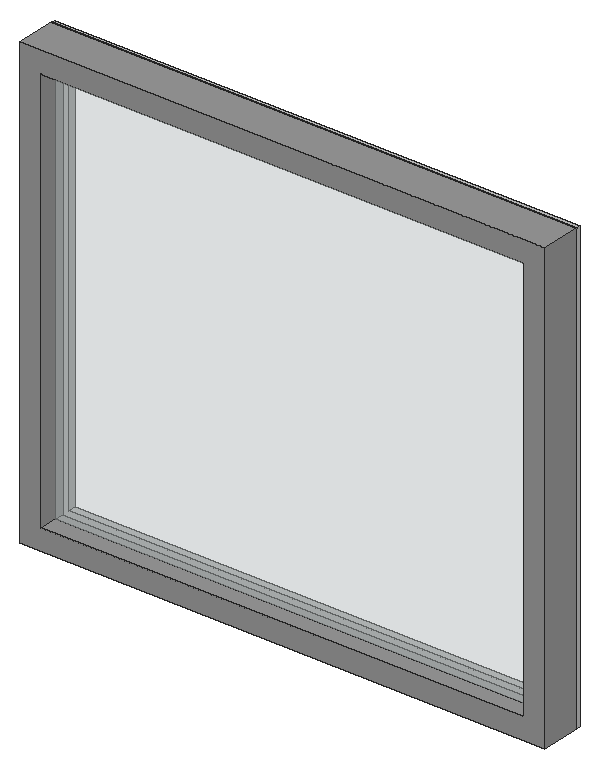
Revit family "Lian - Fixed Window - Wood-Aluminium", category Windows, host Wall, Revit 2017
Family settings
  Host = Wall
  Always vertical = Yes
  Cut with Voids When Loaded = No
  Shared = No
  Room Calculation Point = No
Parameters
  hosted on bimbear.com® = "www.bimbear.com"
  Width = [02.5 - Window Width]  # 1380 mm
  URL = "http://www.lian.no/"
  Type Image = <None>
  Type Comments = "Wood - Aluminium"
  Rough Width = [02 - Opening Width]  # 1400 mm
  Rough Height = [01 - Opening Height]  # 1200 mm
  OFS = [07 - Offset] + 1500 mm  # 1500 mm
  Model = "Fixed Window"
  Manufacturer = "Lian"
  Height = [01.5 - Window Height]  # 1180 mm
  GAP = [08 - Sealant Gap] * 2  # 20 mm
  Construction Type = ""
  Assembly Code = ""
  Analytic Construction = "<None>"
  11 - Sound Transmission Class = ""
  10 - Fire Rating = ""
  08 - Sealant Gap = 10 mm
  07 - Offset = 0 mm
  05.5 - Material Glass = Glass
  05.2 - Material Interior Frame = NCS S 0500-N
  05.1 - Material Exterior Frame = RAL 9018
  02.5 - Window Width = [02 - Opening Width] - GAP  # 1380 mm
  02 - Opening Width = 1400 mm
  01.5 - Window Height = [01 - Opening Height] - GAP  # 1180 mm
  01 - Opening Height = 1200 mm
Reference planes
  plane 1 "Wall": y = 0
  plane 2 "Center (Left/Right)": x = 125
  plane 3 "Back": y = 75
  plane 4: x = -575
  plane 5: z = 1200
  plane 6: x = 825
  plane 7: x = -565
  plane 8: z = 10
  plane 9: x = 815
  plane 10: z = 1190
  plane 11 "VINDU": y = 0
  plane 12: y = -1500
  plane 13: z = 600
  plane 14: x = 774
  plane 15: x = -524
  plane 16: z = 51
  plane 17: z = 1149
Forms (mm)
  Extrusion 1, solid, material "Glass" <- "05.5 - Material Glass"
    sketch origin (125, 0, 0) x (0, 1, 0) y (0, 0, 1)
      loop
        line (0, 1149) -> (-44, 1149) -> (-44, 51) -> (0, 51) -> (0, 1149)
    from -649 to 649
  Sweep 2, solid, material "NCS S 0500-N" <- "05.2 - Material Interior Frame"
    path origin (0, 0, 0) x (0, 0, -1) y (-1, 0, 0)
      loop
        line (-1190, 565) -> (-1190, -815) -> (-10, -815) -> (-10, 565) -> (-1190, 565)
    profile origin (125, 0, 1190) x (0, 0, -1) y (0, 1, 0)
      loop
        line (0, -89.225) -> (55, -89.225) -> (55, -44) -> (41, -44) -> (41, 15.775) -> (0, 15.775) -> (0, -89.225)
  Sweep 3, solid, material "RAL 9018" <- "05.1 - Material Exterior Frame"
    path origin (0, 0, 0) x (0, 0, -1) y (-1, 0, 0)
      loop
        line (-1190, 565) -> (-1190, -815) -> (-10, -815) -> (-10, 565) -> (-1190, 565)
    profile origin (125, 0, 1190) x (0, 0, -1) y (0, 1, 0)
      loop
        line (41, 0) -> (56.226, 0) -> (53, 26.275) -> (0, 26.275) -> (0, 15.775) -> (41, 15.775) -> (41, 0)
Lines and regions (mm)
  Opening 1
    outline origin (-5000, -75, 0) x (1, 0, 0) y (0, 0, 1)
      loop
        line (5825, 1200) -> (4425, 1200) -> (4425, 0) -> (5825, 0) -> (5825, 1200)
Text (mm)
  text "Placement Side" at (-1848.837, 1116.779, 0), in view "Ref. Level"
  text "Placement side" at (0, 1409.804, 2854.306), in view "Left"
  text "Placement side" at (0, 499.811, 2980.732), in view "Right"
Dimensions and locks
  locked: plane 3 "Back" to host wall
  equal spacing: plane 6, plane 2 "Center (Left/Right)", plane 4
  "Rough Width": plane 6 to plane 4
  "Rough Height": level to plane 5
  "08 - Sealant Gap": plane 4 to plane 7
  "08 - Sealant Gap": plane 10 to plane 5
  "08 - Sealant Gap": plane 6 to plane 9
  "08 - Sealant Gap": level to plane 8
  plane 1 "Wall" to plane 12 = 1500 mm
  "OFS": plane 11 "VINDU" to plane 12
  equal spacing: plane 5, plane 13, level
  locked: plane 14 to plane 9 at 41
  locked: plane 7 to plane 15 at 41
  locked: plane 10 to plane 17 at 41
  locked: plane 17 to Sweep 2 sketch curve at 14
  locked: plane 16 to plane 8 at 41
  aligned and locked: plane 1 "Wall" to host wall
  aligned and locked: plane 5 to Opening 1 sketch curve
  aligned and locked: Opening 1 sketch curve to plane 6
  aligned and locked: level to Opening 1 sketch curve
  aligned and locked: Opening 1 sketch curve to plane 4
  aligned and locked: nested 1 to plane 8
  aligned and locked: nested 1 to plane 11 "VINDU"
  aligned and locked: plane 11 "VINDU" to nested 2
  aligned and locked: plane 10 to nested 2
  aligned and locked: nested 3 to plane 11 "VINDU"
  aligned and locked: nested 4 to plane 11 "VINDU"
  aligned and locked: nested 3 to Extrusion 1 sketch curve
  aligned and locked: nested 5 to plane 7
  aligned and locked: plane 11 "VINDU" to nested 5
  aligned and locked: plane 9 to nested 6
  aligned and locked: nested 6 to plane 11 "VINDU"
  aligned and locked: plane 14 to nested 4
  aligned and locked: nested 4 to plane 15
  aligned and locked: nested 3 to plane 17
  aligned and locked: Extrusion 1 to nested 3
  aligned and locked: plane 11 "VINDU" to Extrusion 1
  aligned and locked: Sweep 2 sketch curve to plane 10
  aligned and locked: Sweep 2 sketch curve to plane 17
  aligned and locked: plane 16 to nested 3
  aligned and locked: Extrusion 1 to nested 4
  aligned and locked: plane 14 to Extrusion 1
Automatic sketch dimensions
  Sweep 2 sketch curve to plane 9 = 0 mm
  Sweep 2 sketch curve to plane 10 = 0 mm
  plane 7 to Sweep 2 sketch curve = 0 mm
  Sweep 2 sketch curve to plane 8 = 0 mm
  Extrusion 1 sketch curve to plane 16 = 0 mm
  Extrusion 1 sketch curve to plane 11 "VINDU" = 44 mm
  Extrusion 1 sketch curve to plane 17 = 0 mm
  plane 11 "VINDU" to Sweep 2 sketch curve = 15.775 mm
  Sweep 2 sketch curve to plane 11 "VINDU" = 44 mm
  Sweep 2 sketch curve to Sweep 2 sketch curve = 45.225 mm
  Sweep 3 sketch curve to plane 9 = 0 mm
  Sweep 3 sketch curve to plane 10 = 0 mm
  plane 7 to Sweep 3 sketch curve = 0 mm
  Sweep 3 sketch curve to plane 8 = 0 mm
  Sweep 3 sketch curve to profile plane = 41 mm
  Sweep 3 sketch curve to Sweep 3 sketch curve = 15.775 mm
  Sweep 3 sketch curve to Sweep 3 sketch curve = 12 mm
  Sweep 3 sketch curve to Sweep 3 sketch curve = 10.5 mm
  Sweep 3 sketch curve to Sweep 3 sketch curve = 15.226 mm
  Sweep 3 sketch curve to plane 11 "VINDU" = 0 mm
  Sweep 3 sketch curve to profile plane = 0 mm
Nested families
  nested 1: "FV-A-V0104-06" at (1225, 0, 10) x (0, 1, 0) z (-1, 0, 0), type "FV-T-V0104-06"
  nested 2: "FV-A-V0104-03-09" at (825, 0, 1190) x (0, 1, 0) z (1, 0, 0), type "FV-A-V0104-03-09"
  nested 3: "3Glass2D" at (125, 0, 1149) x (0, -1, 0) z (1, 0, 0), type "3Glass2D"
    with h 1098 mm
  nested 4: "3Glass2D" at (-524, 0, 0) x (0, -1, 0) z (0, 0, 1), type "3Glass2D"
    with h 1298 mm
  nested 5: "FV-A-V0104-03-09" at (-565, 0, 0) x (0, 1, 0) z (0, 0, 1), type "FV-A-V0104-03-09"
  nested 6: "FV-A-V0104-03-09" at (815, 0, 0) x (0, 1, 0) z (0, 0, 1), type "FV-A-V0104-03-09"
Definition of nested family "FV-A-V0104-06"
  Reference planes
    plane 1 "Center (Front/Back)": y = 0
    plane 2: z = 0
    plane 3 "Center (Left/Right)": x = 0
  Lines and regions (mm)
    Filled region 1, type "LianTre", in view "Ref. Level", detail levels fine
      outline origin (15.775, 0, 0) x (1, 0, 0) y (0, 1, 0)
        loop
          line (-1.756, 29.48) -> (-63.041, 37.005) -> (-63.041, 46.5) -> (-66.5, 46.5) -> (-66.5, 49.5) -> (-63.041, 49.5) -> (-63.041, 54)
          arc (-63.041, 54) -> (-63.334, 54.707) -> (-64.041, 55) r 1
          line (-64.041, 55) -> (-103, 55)
          arc (-103, 55) -> (-104.414, 54.414) -> (-105, 53) r 2
          line (-105, 53) -> (-105, 19) -> (-96, 19) -> (-96, 9) -> (-105, 9) -> (-105, 2)
          arc (-105, 2) -> (-104.414, 0.586) -> (-103, 0) r 2
          line (-103, 0) -> (-90, 0) -> (-90, 1) -> (-45, 1)
          arc (-45, 1) -> (-42.879, 1.879) -> (-42, 4) r 3
          line (-42, 4) -> (-42, 8) -> (-35, 8) -> (-35, 4)
          arc (-35, 4) -> (-34.121, 1.879) -> (-32, 1) r 3
          line (-32, 1) -> (-30, 1) -> (-30, 0) -> (-21, 0)
          arc (-21, 0) -> (-19.586, 0.586) -> (-19, 2) r 2
          line (-19, 2) -> (-19, 14) -> (-15, 14) -> (-15, 6.617) -> (-2.518, 3.273)
          arc (-2.518, 3.273) -> (-0.782, 3.618) -> (0, 5.205) r 2
          line (0, 5.205) -> (0, 27.495)
          arc (0, 27.495) -> (-0.502, 28.82) -> (-1.756, 29.48) r 2
    Masking region 1, in view "Ref. Level", detail levels medium
      outline origin (15.775, 0, 0) x (1, 0, 0) y (0, 1, 0)
        loop
          line (0, 37) -> (-105, 37) -> (-105, 0) -> (0, 0) -> (0, 37)
    Filled region 2, type "Solid Fill - Black", in view "Ref. Level", detail levels fine
      outline origin (-42.572, -23.897, 0) x (0, -1, 0) y (1, 0, 0)
        loop
          line (-71.113, -7.237) -> (-71.069, -6.175) -> (-70.717, -4.655) -> (-68.868, -4.605) -> (-67.509, -1.69) -> (-68.966, -2.855) -> (-71.921, -2.841) -> (-73.92, -1.68) -> (-73.689, -2.855) -> (-78.891, -2.832) -> (-80.365, -1.655) -> (-78.839, -4.655) -> (-72.978, -4.737) -> (-72.682, -6.246) -> (-72.682, -7.237) -> (-73.397, -6.903) -> (-72.893, -7.69) -> (-71.897, -8.155) -> (-70.836, -7.66) -> (-70.397, -6.903) -> (-71.113, -7.237)
    Filled region 3, type "Solid Fill - Black", in view "Ref. Level", detail levels fine
      outline origin (71.288, 82.368, 0) x (0, 1, 0) y (-1, 0, 0)
        loop
          line (-32.629, 65.48) -> (-33.344, 65.814) -> (-32.905, 65.057) -> (-31.844, 64.563) -> (-30.848, 65.027) -> (-30.344, 65.814) -> (-31.059, 65.48) -> (-31.059, 66.471) -> (-30.763, 67.98) -> (-24.902, 68.063) -> (-23.376, 71.063) -> (-24.85, 69.885) -> (-30.052, 69.863) -> (-29.821, 71.037) -> (-31.821, 69.876) -> (-34.775, 69.863) -> (-36.232, 71.027) -> (-34.873, 68.113) -> (-33.024, 68.063) -> (-32.672, 66.542) -> (-32.629, 65.48)
    Masking region 2, in view "Ref. Level", detail levels fine
      outline origin (59.5, 59.995, 0) x (1, 0, 0) y (0, 1, 0)
        loop
          line (-33.225, -57.992) -> (-33.225, -5.995) -> (-56.225, -3.171) -> (-56.225, -8.171) -> (-54.926, -8.171) -> (-54.926, -7.321)
          arc (-54.926, -7.321) -> (-52.775, -9.472) -> (-54.927, -11.621) r 2.15
          line (-54.927, -11.621) -> (-54.927, -10.771) -> (-56.225, -10.771) -> (-56.225, -12.421)
          arc (-56.225, -12.421) -> (-56.078, -12.774) -> (-55.725, -12.921) r 0.5
          line (-55.725, -12.921) -> (-54.925, -12.921)
          arc (-54.925, -12.921) -> (-51.487, -9.757) -> (-54.354, -6.068) r 3.45
          arc (-54.354, -6.068) -> (-54.91, -5.307) -> (-54.16, -4.734) r 0.674
          line (-54.16, -4.734) -> (-34.525, -7.145) -> (-34.525, -29.995) -> (-41.725, -29.995) -> (-41.725, -32.445) -> (-40.45, -32.445) -> (-39.644, -31.295) -> (-36.824, -31.295) -> (-36.824, -32.161) -> (-35.822, -32.161) -> (-35.822, -31.295) -> (-34.525, -31.295) -> (-34.525, -45.095) -> (-36.714, -45.095) -> (-36.714, -44.089) -> (-37.73, -44.089) -> (-37.73, -45.095) -> (-39.644, -45.095) -> (-40.45, -43.945) -> (-41.725, -43.945) -> (-41.725, -46.395) -> (-34.525, -46.395) -> (-34.525, -52.695) -> (-41.725, -52.695) -> (-41.725, -53.995) -> (-37.825, -53.995) -> (-37.825, -57.992) -> (-36.525, -57.992) -> (-36.525, -53.995) -> (-34.525, -53.995) -> (-34.525, -57.992) -> (-33.225, -57.992)
    Masking region 3, in view "Ref. Level", detail levels fine
      outline origin (59.5, 59.995, 0) x (1, 0, 0) y (0, 1, 0)
        loop
          line (-36.925, -35.295) -> (-36.925, -41.095) -> (-40.625, -43.295) -> (-39.618, -44.732) -> (-34.925, -41.945) -> (-34.925, -34.445) -> (-39.618, -31.658) -> (-40.625, -33.095) -> (-36.925, -35.295)
    Masking region 4, in view "Ref. Level", detail levels fine
      outline origin (59.5, 59.995, 0) x (1, 0, 0) y (0, 1, 0)
        loop
          line (-38.225, -40.075) -> (-43.725, -40.075) -> (-43.725, -47.545) -> (-41.725, -47.545) -> (-41.725, -43.895) -> (-40.285, -43.895) -> (-40.285, -43.093) -> (-38.225, -41.868) -> (-38.225, -40.075)
    Masking region 5, in view "Ref. Level", detail levels fine
      outline origin (59.5, 18.395, 0) x (0, -1, 0) y (1, 0, 0)
        loop
          line (-5.305, -38.225) -> (-7.078, -38.225) -> (-8.303, -40.285) -> (-9.105, -40.285) -> (-9.105, -41.725) -> (-12.755, -41.725) -> (-12.755, -43.725) -> (-5.305, -43.725) -> (-5.305, -38.225)
    Masking region 6, in view "Ref. Level", detail levels fine
      outline origin (59.5, 59.995, 0) x (1, 0, 0) y (0, 1, 0)
        loop
          line (-43.725, -40.075) -> (-36.925, -40.075) -> (-36.925, -36.295) -> (-43.725, -36.295) -> (-43.725, -40.075)
    detail lines, in view "Ref. Level", detail levels fine
      curve 1: line (-44, 36.604, 0) -> (0, 40.972, 0)
      curve 2: line (0, 31.202, 0) -> (-44, 40.972, 0)
      curve 3: line (-44, 40.972, 0) -> (0, 40.972, 0)
      curve 4: line (-44, 40.972, 0) -> (-44, 36.604, 0)
      curve 5: line (0, 40.972, 0) -> (0, 31.202, 0)
Definition of nested family "FV-A-V0104-03-09"
  Reference planes
    plane 1 "Center (Front/Back)": y = 0
    plane 2: z = 0
    plane 3 "Center (Left/Right)": x = 0
  Lines and regions (mm)
    Filled region 1, type "Solid Fill - Black", in view "Ref. Level", detail levels fine
      outline origin (-1.43, 22.373, 0) x (0, 1, 0) y (-1, 0, 0)
        loop
          line (-71.113, -7.237) -> (-71.069, -6.175) -> (-70.717, -4.655) -> (-68.868, -4.605) -> (-67.509, -1.69) -> (-68.966, -2.855) -> (-71.921, -2.841) -> (-73.92, -1.68) -> (-73.689, -2.855) -> (-78.891, -2.832) -> (-80.365, -1.655) -> (-78.839, -4.655) -> (-72.978, -4.737) -> (-72.682, -6.246) -> (-72.682, -7.237) -> (-73.397, -6.903) -> (-72.893, -7.69) -> (-71.897, -8.155) -> (-70.836, -7.66) -> (-70.397, -6.903) -> (-71.113, -7.237)
    Filled region 2, type "Solid Fill - Black", in view "Ref. Level", detail levels fine
      outline origin (-42.569, 23.897, 0) x (1, 0, 0) y (0, 1, 0)
        loop
          line (-7.237, -71.113) -> (-6.903, -70.397) -> (-7.66, -70.836) -> (-8.155, -71.897) -> (-7.69, -72.893) -> (-6.903, -73.397) -> (-7.237, -72.682) -> (-6.246, -72.682) -> (-4.737, -72.978) -> (-4.655, -78.839) -> (-1.655, -80.365) -> (-2.832, -78.891) -> (-2.855, -73.689) -> (-1.68, -73.92) -> (-2.841, -71.921) -> (-2.855, -68.966) -> (-1.69, -67.509) -> (-4.605, -68.868) -> (-4.655, -70.717) -> (-6.175, -71.069) -> (-7.237, -71.113)
    Filled region 3, type "LianTre", in view "Ref. Level", detail levels fine
      outline origin (70.688, -104.985, 0) x (1, 0, 0) y (0, 1, 0)
        loop
          arc (-159.913, 51.985) -> (-159.327, 50.571) -> (-157.913, 49.985) r 2
          line (-157.913, 49.985) -> (-118.913, 49.985)
          arc (-118.913, 49.985) -> (-118.205, 50.278) -> (-117.913, 50.985) r 1
          line (-117.913, 50.985) -> (-117.913, 55.485) -> (-121.413, 55.485) -> (-121.413, 58.485) -> (-117.913, 58.485) -> (-117.913, 67.985) -> (-56.913, 67.985)
          arc (-56.913, 67.985) -> (-55.498, 68.571) -> (-54.913, 69.985) r 2
          line (-54.913, 69.985) -> (-54.913, 102.985)
          arc (-54.913, 102.985) -> (-55.498, 104.399) -> (-56.913, 104.985) r 2
          line (-56.913, 104.985) -> (-84.913, 104.985) -> (-84.913, 103.985) -> (-86.913, 103.985)
          arc (-86.913, 103.985) -> (-89.034, 103.106) -> (-89.913, 100.985) r 3
          line (-89.913, 100.985) -> (-89.913, 96.985) -> (-96.913, 96.985) -> (-96.913, 100.985)
          arc (-96.913, 100.985) -> (-97.791, 103.106) -> (-99.913, 103.985) r 3
          line (-99.913, 103.985) -> (-144.913, 103.985) -> (-144.913, 104.985) -> (-157.913, 104.985)
          arc (-157.913, 104.985) -> (-159.327, 104.399) -> (-159.913, 102.985) r 2
          line (-159.913, 102.985) -> (-159.913, 95.985) -> (-150.913, 95.985) -> (-150.913, 85.985) -> (-159.913, 85.985) -> (-159.913, 51.985)
    Masking region 1, in view "Ref. Level", detail levels medium
      outline origin (15.775, 0, 0) x (1, 0, 0) y (0, 1, 0)
        loop
          line (-105, 0) -> (-105, -37) -> (10.5, -37) -> (10.5, 0) -> (-105, 0)
    Masking region 2, in view "Ref. Level", detail levels fine
      outline origin (-13.217, 0, 0) x (1, 0, 0) y (0, 1, 0)
        loop
          line (39.492, -1.003) -> (38.192, -1.003) -> (38.192, -5) -> (36.192, -5) -> (36.192, -1.003) -> (34.892, -1.003) -> (34.892, -5) -> (30.992, -5) -> (30.992, -6.3) -> (38.192, -6.3) -> (38.192, -12.6) -> (30.992, -12.6) -> (30.992, -15.05) -> (32.267, -15.05) -> (33.073, -13.9) -> (34.987, -13.9) -> (34.987, -14.906) -> (36.003, -14.906) -> (36.003, -13.9) -> (38.192, -13.9) -> (38.192, -27.7) -> (36.895, -27.7) -> (36.895, -26.834) -> (35.893, -26.834) -> (35.893, -27.7) -> (33.073, -27.7) -> (32.267, -26.55) -> (30.992, -26.55) -> (30.992, -29) -> (38.192, -29) -> (38.192, -51.85) -> (18.557, -54.261)
          arc (18.557, -54.261) -> (17.808, -53.688) -> (18.363, -52.926) r 0.674
          arc (18.363, -52.926) -> (21.231, -49.238) -> (17.792, -46.074) r 3.45
          line (17.792, -46.074) -> (16.992, -46.074)
          arc (16.992, -46.074) -> (16.639, -46.22) -> (16.492, -46.574) r 0.5
          line (16.492, -46.574) -> (16.492, -48.224) -> (17.79, -48.224) -> (17.79, -47.374)
          arc (17.79, -47.374) -> (19.942, -49.523) -> (17.791, -51.674) r 2.15
          line (17.791, -51.674) -> (17.791, -50.824) -> (16.492, -50.824) -> (16.492, -55.824) -> (39.492, -53) -> (39.492, -1.003)
    Masking region 3, in view "Ref. Level", detail levels fine
      outline origin (-13.217, 0, 0) x (1, 0, 0) y (0, 1, 0)
        loop
          line (35.792, -23.7) -> (32.092, -25.9) -> (33.099, -27.337) -> (37.792, -24.55) -> (37.792, -17.05) -> (33.099, -14.263) -> (32.092, -15.7) -> (35.792, -17.9) -> (35.792, -23.7)
    Masking region 4, in view "Ref. Level", detail levels fine
      outline origin (-13.217, 0, 0) x (1, 0, 0) y (0, 1, 0)
        loop
          line (34.492, -18.92) -> (34.492, -17.127) -> (32.432, -15.902) -> (32.432, -15.1) -> (30.992, -15.1) -> (30.992, -11.45) -> (28.992, -11.45) -> (28.992, -18.92) -> (34.492, -18.92)
    Masking region 5, in view "Ref. Level", detail levels fine
      outline origin (-13.217, -41.6, 0) x (0, -1, 0) y (1, 0, 0)
        loop
          line (-18.92, 34.492) -> (-18.92, 28.992) -> (-11.45, 28.992) -> (-11.45, 30.992) -> (-15.1, 30.992) -> (-15.1, 32.432) -> (-15.902, 32.432) -> (-17.127, 34.492) -> (-18.92, 34.492)
    Masking region 6, in view "Ref. Level", detail levels fine
      outline origin (-13.217, 0, 0) x (1, 0, 0) y (0, 1, 0)
        loop
          line (28.992, -18.92) -> (28.992, -22.7) -> (35.792, -22.7) -> (35.792, -18.92) -> (28.992, -18.92)
    model lines, in view "Ref. Level", detail levels fine
      curve 1: line (-44, -37, 0) -> (0, -41, 0)
      curve 2: line (0, -41, 0) -> (0, -37, 0)
      curve 3: line (0, -37, 0) -> (-44, -41, 0)
      curve 4: line (-44, -41, 0) -> (-44, -37, 0)
      curve 5: line (0, -41, 0) -> (-44, -41, 0)
Definition of nested family "3Glass2D"
  Parameters (values of type "3Glass2D")
    h [instance] = 150 mm
  Reference planes
    plane 1 "Center (Front/Back)": y = 0
    plane 2: z = 0
    plane 3 "Center (Left/Right)": x = 0
    plane 4: y = 150
    plane 5: y = -41
    plane 6: y = 191
    plane 7: y = -4
    plane 8: y = 154
  Lines and regions (mm)
    Filled region 1, type "Glass Hatch", in view "Ref. Level", detail levels fine
      outline origin (305.983, -18.8, 0) x (1, 0, 0) y (0, 1, 0)
        loop
          line (-261.983, 18.8) -> (-261.983, 168.8) -> (-265.983, 168.8) -> (-265.983, 18.8) -> (-261.983, 18.8)
        loop
          line (-281.983, 18.8) -> (-281.983, 168.8) -> (-285.983, 168.8) -> (-285.983, 18.8) -> (-281.983, 18.8)
        loop
          line (-301.983, 18.8) -> (-301.983, 168.8) -> (-305.983, 168.8) -> (-305.983, 18.8) -> (-301.983, 18.8)
    Masking region 1, in view "Ref. Level", detail levels medium
      outline origin (0, 0, 0) x (1, 0, 0) y (0, 1, 0)
        loop
          line (44, -4) -> (44, 154) -> (0, 154) -> (0, -4) -> (44, -4)
    Masking region 2, in view "Ref. Level", detail levels fine
      outline origin (0, 0, 0) x (1, 0, 0) y (0, 1, 0)
        loop
          line (4, 12) -> (4, 0) -> (20, 0) -> (20, 12) -> (4, 12)
        loop
          line (6, 10) -> (6, 2) -> (18, 2) -> (18, 10) -> (6, 10)
        loop
          line (24, 12) -> (24, 0) -> (40, 0) -> (40, 12) -> (24, 12)
        loop
          line (38, 2) -> (38, 10) -> (26, 10) -> (26, 2) -> (38, 2)
    Masking region 3, in view "Ref. Level", detail levels fine
      outline origin (0, 126.931, 0) x (0, -1, 0) y (1, 0, 0)
        loop
          line (-11.069, 4) -> (-11.069, 20) -> (-23.069, 20) -> (-23.069, 4) -> (-11.069, 4)
        loop
          line (-13.069, 6) -> (-13.069, 18) -> (-21.069, 18) -> (-21.069, 6) -> (-13.069, 6)
        loop
          line (-11.069, 24) -> (-11.069, 40) -> (-23.069, 40) -> (-23.069, 24) -> (-11.069, 24)
        loop
          line (-21.069, 38) -> (-21.069, 26) -> (-13.069, 26) -> (-13.069, 38) -> (-21.069, 38)
    detail lines, in view "Ref. Level", detail levels coarse
      curve 1: line (0, -41, 0) -> (0, 191, 0)
  Dimensions and locks
    "h": plane 1 "Center (Front/Back)" to plane 4
    locked: plane 6 to plane 4 at 41
    locked: plane 8 to plane 4 at 4
    locked: plane 7 to plane 1 "Center (Front/Back)" at 4
    aligned and locked: plane 4 to Filled region 1  (x3)
    aligned and locked: plane 1 "Center (Front/Back)" to Filled region 1  (x3)
    aligned and locked: Filled region 1 sketch curve to plane 1 "Center (Front/Back)"  (x3)
    aligned and locked: plane 3 "Center (Left/Right)" to curve 1
    aligned and locked: plane 5 to curve 1
    aligned and locked: plane 6 to curve 1
    aligned and locked: Masking region 1 to plane 8
  Automatic sketch dimensions
    Filled region 1 sketch curve to plane 3 "Center (Left/Right)" = 0 mm
    Filled region 1 sketch curve to plane 4 = 0 mm  (x3)
    plane 3 "Center (Left/Right)" to Filled region 1 sketch curve = 4 mm
    Filled region 1 sketch curve to Filled region 1 sketch curve = 16 mm  (x2)
    Filled region 1 sketch curve to Filled region 1 sketch curve = 4 mm  (x2)
    Masking region 1 sketch curve to plane 3 "Center (Left/Right)" = 0 mm
    plane 3 "Center (Left/Right)" to Masking region 1 sketch curve = 44 mm
    plane 1 "Center (Front/Back)" to Masking region 2 sketch curve = 0 mm  (x2)
    plane 3 "Center (Left/Right)" to Masking region 2 sketch curve = 4 mm
    Masking region 2 sketch curve to Masking region 2 sketch curve = 2 mm  (x6)
    Masking region 2 sketch curve to Masking region 2 sketch curve = 12 mm  (x2)
    Masking region 2 sketch curve to Masking region 2 sketch curve = 4 mm
    Masking region 2 sketch curve to plane 1 "Center (Front/Back)" = 2 mm  (x2)
    Masking region 2 sketch curve to Masking region 2 sketch curve = 8 mm  (x2)
    Masking region 3 sketch curve to plane 4 = 0 mm  (x2)
    Masking region 3 sketch curve to plane 4 = 2 mm  (x2)
    Masking region 3 sketch curve to Masking region 3 sketch curve = 8 mm  (x2)
    Masking region 3 sketch curve to Masking region 3 sketch curve = 2 mm  (x6)
    plane 3 "Center (Left/Right)" to Masking region 3 sketch curve = 4 mm
    Masking region 3 sketch curve to Masking region 3 sketch curve = 12 mm  (x2)
    Masking region 3 sketch curve to Masking region 3 sketch curve = 4 mm
    plane 7 to Masking region 1 sketch curve = 0 mm
    plane 4 to Masking region 1 sketch curve = 4 mm
